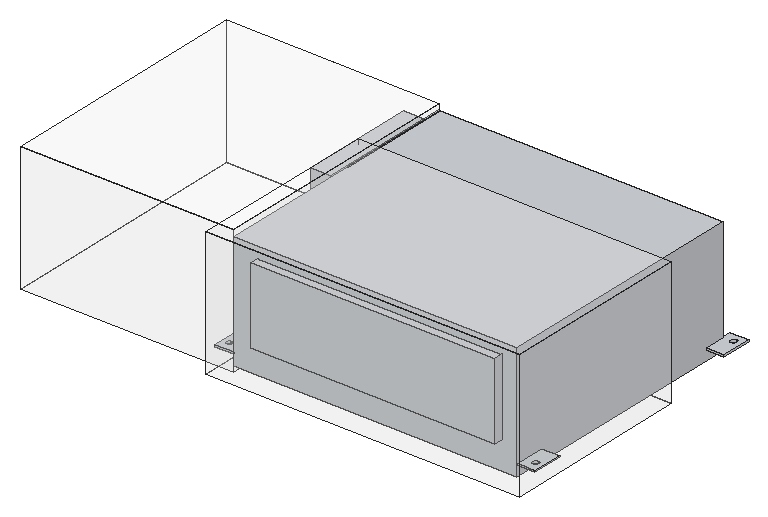
Revit family "pefy-p90_280mg9-f_50Hz", category 機械設備, Revit 2019
Family settings
  丸型コネクタ寸法 = 直径を使用
  パーツ タイプ = 標準
  OmniClass 番号 = 23.75.10.24.21.27.27
  OmniClass タイトル = Split System Air Conditioning Units
  作業面ベース = いいえ
  常に垂直 = はい
  ロード時にボイドで切り取り = いいえ
  共有 = いいえ
  部屋計算ポイント = はい
Parameters (values of type "PEFY-P90MG9-F")
  風量（m3／min） = 9
  風量 = MAX風量  # 540.0 m³/h
  音響パワーレベル(dB) = 58
  電源種別 = ""
  電源_H = 0 mm
  電圧_電気ヒーター = 0 V
  電圧 = 200 V
  電動機出力_送風機 = 0.07 kW
  運転質量 = 0.00 kg
  連動 = ""
  質量 = if(製品質量 > 運転質量, 製品質量, 運転質量) * 1.2  # 62.40 kg
  負荷分類 = 3_ファン類
  説明 = "ビル用マルチエアコン オールフレッシュ　室内機"
  設計暖房能力 = 0.00 kW
  設計冷房能力_顕熱 = 0 kW
  設計冷房能力 = 0 kW
  設置方法 = "天井吊(隠ぺい)形"
  記号 = ""
  製造元 = "三菱電機株式会社"
  製品質量 = 52.00 kg
  製品出荷対象 = "国内"
  製品リリース年月 = "2022年9月15日"
  製品グループ = ""
  系統 = ""
  符号 = "ACP_CID"
  積算_科目 = "1 空気調和設備"
  積算_拾い区分 [instance] = ""
  相_電気ヒーター = 1
  相 = 1
  盤記号 = ""
  発停方法 = ""
  特殊仕様 = ""
  点検口離隔 [instance] = if(点検口離隔入力値 > 200 mm, 200 mm, if(点検口離隔入力値 < 150 mm, 150 mm, 点検口離隔入力値))  # 150 mm
  点検口離隔入力値 [instance] = 150 mm
  点検口設置範囲 = 700 mm
  点検口位置 = 200 mm
  点検口 = yes
  火災停止 = ""
  消費電力_電気ヒーター = 0.00 kW
  消費電力_暖房 = 0.13 kW
  消費電力_加湿器 = 0.00 kW
  消費電力_冷房 = 0.13 kW
  消費電力 = if(消費電力_冷房 > 消費電力_暖房, 消費電力_冷房, 消費電力_暖房) + 消費電力_加湿器 + 消費電力_電気ヒーター  # 0.13 kW
  法定耐用年数 = "15"
  機外静圧 = 130.0 Pa
  極数 = 3
  材質 = ""
  本体マテリアル = none
  有効加湿量 = 0
  暖房能力 = 8.50 kW
  推奨ブレーカー容量 = 0 A
  形式_加湿器 = ""
  形式 = "天井吊（隠ぺい）形（両ダクト形）"
  幹線記号 = ""
  始動方式 = ""
  呼称 = "室内機_天井吊(隠ぺい)形(両ダクト形)"
  周波数 = 50 Hz
  吊り幅 = if(Depth = 900 mm, 60 mm, 61 mm)  # 60 mm
  吊り位置Y = 814 mm
  吊り位置X = 1004 mm
  吊りボルト_H = 41 mm  # constant formula
  台数_手元リモコン = ""
  台数_冷媒分岐ユニット = ""
  参照している仕様書等のバージョン = "公共建築工事標準仕様書（機械設備工事編）平成31年度版"
  加湿給水管径 = 0 mm
  分類コード = "50053003221070"
  分類グループ = ""
  冷房能力 = 9 kW
  冷媒高低圧ガス管径 = 0 mm
  冷媒管径符号 = "Bd"
  冷媒管径 = 100 mm
  冷媒液管径 = 9.52 mm
  冷媒液管_縦 = 77 mm
  冷媒液管_横 = 92 mm
  冷媒ガス管径 = 15.88 mm
  冷媒ガス管_縦 = 130 mm
  冷媒ガス管_横 = 200 mm
  企業コード = "108420"
  付属品_フィルター = ""
  付属品 = ""
  仕様書バージョン = "Version1.0"
  モデル = "PEFY-P90MG9-F"
  ドレン管径 = 32 mm
  ドレン管_縦 = 328 mm
  ドレン管_横 = 387 mm
  サービススペース = yes
  コメント [instance] = ""
  ケーブル種類 = ""
  ケーブルサイズ = 1.6 mm
  Width = 1000 mm
  Version = ""
  Uniclass2015Version = "Systems v1.9"
  Uniclass2015Title = "Split coil remote air cooled condensing units"
  Uniclass2015Code = "Pr_70_65_03_84"
  URL = "https://www.mitsubishielectric.co.jp/ldg/wink/ssl/displayProduct.do?pid=317055"
  SpecificationReference = ""
  SpecificationDescription = ""
  S_H = Height + 20 mm  # 400 mm
  SAサイズ_W = 800 mm
  SAサイズ_D = 250 mm
  Revision = ""
  RAサイズ_W = 850 mm
  RAサイズ_D = 340 mm
  ProductInformation = ""
  OmniClassCode = "23-33 17 13 11"
  MAX風量 = 風量（m3／min） * 60.0 m³/h  # 540.0 m³/h
  IfcTypeProduct = ""
  IfcProduct = ""
  IfcExportType = "AIRCONDITIONINGUNIT"
  IfcExportAs = "IfcUnitaryEquipmentType"
  Height = 380 mm
  Depth = 900 mm
  Clearance Top = 20 mm  # constant formula
  Clearance Right = 50 mm  # constant formula
  Clearance Left = if(Width = 1000 mm, 980 mm, if(Width = 1200 mm, 1180 mm, 1300 mm))  # 980 mm
  Clearance Front = if(Depth = 900 mm, 575 mm, 680 mm)  # 575 mm
  Clearance Bottom = 20 mm  # constant formula
  Clearance Back = 50 mm  # constant formula
  Author = "三菱電機株式会社"
Types (6, lengths in mm): name | 風量（m3／min） | 風量 | 音響パワーレベル(dB) | 電動機出力_送風機 | 質量 | 製品質量 | 相 | 点検口設置範囲 | 消費電力_暖房 | 消費電力_冷房 | 消費電力 | 機外静圧 | 暖房能力 | 吊り幅 | 吊り位置Y | 吊り位置X | 冷房能力 | 冷媒管径符号 | 冷媒液管_縦 | 冷媒液管_横 | 冷媒ガス管径 | 冷媒ガス管_縦 | 冷媒ガス管_横 | モデル | ドレン管_縦 | ドレン管_横 | Width | URL | S_H | SAサイズ_W | SAサイズ_D | RAサイズ_W | RAサイズ_D | MAX風量 | Height | Depth | Clearance Left | Clearance Front
  PEFY-P90MG9-F | 9 | 540.0 m³/h | 58 | 0.07 kW | 62.40 kg | 52.00 kg | 1 | 700 | 0.13 kW | 0.13 kW | 0.13 kW | 130.0 Pa | 8.50 kW | 60 | 814 | 1004 | 9 kW | "Bd" | 77 | 92 | 15.88 | 130 | 200 | "PEFY-P90MG9-F" | 328 | 387 | 1000 | "https://www.mitsubishielectric.co.jp/ldg/wink/ssl/displayProduct.do?pid=317055" | 400 | 800 | 250 | 850 | 340 | 540.0 m³/h | 380 | 900 | 980 | 575
  PEFY-P112MG9-F | 14 | 840.0 m³/h | 60 | 0.08 kW | 81.60 kg | 68.00 kg | 1 | 700 | 0.20 kW | 0.20 kW | 0.20 kW | 130.0 Pa | 10.60 kW | 60 | 814 | 1204 | 11.2 kW | "Bd" | 77 | 92 | 15.88 | 130 | 200 | "PEFY-P112MG9-F" | 328 | 387 | 1200 | "https://www.mitsubishielectric.co.jp/ldg/wink/ssl/displayProduct.do?pid=317056" | 400 | 1000 | 250 | 1050 | 340 | 840.0 m³/h | 380 | 900 | 1180 | 575
  PEFY-P140MG9-F | 14 | 840.0 m³/h | 61 | 0.08 kW | 81.60 kg | 68.00 kg | 1 | 700 | 0.21 kW | 0.20 kW | 0.21 kW | 130.0 Pa | 13.20 kW | 60 | 814 | 1204 | 14 kW | "Bd" | 77 | 92 | 15.88 | 130 | 200 | "PEFY-P140MG9-F" | 328 | 387 | 1200 | "https://www.mitsubishielectric.co.jp/ldg/wink/ssl/displayProduct.do?pid=317057" | 400 | 1000 | 250 | 1050 | 340 | 840.0 m³/h | 380 | 900 | 1180 | 575
  PEFY-P160MG9-F | 18 | 1080.0 m³/h | 62 | 0.09 kW | 81.60 kg | 68.00 kg | 1 | 700 | 0.20 kW | 0.20 kW | 0.20 kW | 130.0 Pa | 15.10 kW | 60 | 814 | 1204 | 16 kW | "Bd" | 77 | 92 | 15.88 | 130 | 200 | "PEFY-P160MG9-F" | 328 | 387 | 1200 | "https://www.mitsubishielectric.co.jp/ldg/wink/ssl/displayProduct.do?pid=317058" | 400 | 1000 | 250 | 1050 | 340 | 1080.0 m³/h | 380 | 900 | 1180 | 575
  PEFY-P224MG9-F | 28 | 1680.0 m³/h | 67 | 0.20 kW | 110.40 kg | 92.00 kg | 3 | 800 | 0.32 kW | 0.32 kW | 0.32 kW | 200.0 Pa | 21.20 kW | 61 | 1034 | 1326 | 22.4 kW | "Be" | 44 | 95 | 19.05 | 164 | 249 | "PEFY-P224MG9-F" | 327 | 489 | 1250 | "https://www.mitsubishielectric.co.jp/ldg/wink/ssl/displayProduct.do?pid=317059" | 490 | 1100 | 340 | 1100 | 420 | 1680.0 m³/h | 470 | 1120 | 1300 | 680
  PEFY-P280MG9-F | 35 | 2100.0 m³/h | 71 | 0.23 kW | 116.40 kg | 97.00 kg | 3 | 800 | 0.34 kW | 0.34 kW | 0.34 kW | 200.0 Pa | 26.50 kW | 61 | 1034 | 1326 | 28 kW | "Bf" | 44 | 95 | 22.2 | 164 | 249 | "PEFY-P280MG9-F" | 327 | 489 | 1250 | "https://www.mitsubishielectric.co.jp/ldg/wink/ssl/displayProduct.do?pid=317060" | 490 | 1100 | 340 | 1100 | 420 | 2100.0 m³/h | 470 | 1120 | 1300 | 680
Reference planes
  plane 1 "中心(正面/背面)": y = -138.467
  plane 2: z = 0
  plane 3 "中心(左/右)": x = 140.396
  plane 4: z = 380
  plane 5: z = 400
  plane 6: x = 642.396
  plane 7: x = -361.604
  plane 8: y = -528.467
  plane 9: y = 285.533
  plane 10: y = -588.467
  plane 11: y = 311.533
  plane 12: x = 605.396
  plane 13: x = -394.604
  plane 14: z = -20
  plane 15: x = 665.396
  plane 16: y = -559.467
  plane 17: y = 287.533
  plane 18: y = -135.967
  plane 19: y = -362.467
  plane 20: y = 87.533
  plane 21: x = -324.604
  plane 22: x = -474.604
  plane 23: x = -1024.604
  plane 24: z = 400
  plane 25: x = -374.604
  plane 26: y = -609.467
  plane 27: x = 655.396
  plane 28: y = 15.533
  plane 29: y = -359.467
Dimensions and locks
  "S_H": plane 5 to level
  "吊り位置X": plane 6 to plane 7
  "吊り位置Y": plane 9 to plane 8
  equal spacing: plane 11, plane 1 "中心(正面/背面)", plane 10
  "Depth": plane 11 to plane 10
  "Width": plane 12 to plane 13
  "Clearance Bottom": level to plane 14
  locked: plane 8 to plane 10 at 60
  "吊り幅": plane 15 to plane 12
  locked: plane 15 to plane 6 at 23
  "Height": plane 4 to level
  locked: plane 11 to plane 17 at 24
  locked: plane 16 to plane 10 at 29
  locked: plane 20 to plane 19 at 450
  equal spacing: plane 17, plane 18, plane 16
  plane 21 to plane 7 = 37 mm
  "点検口離隔": plane 21 to plane 22
  "点検口設置範囲": plane 21 to plane 23
  "Clearance Top": plane 24 to plane 4
  "Clearance Back": plane 16 to plane 26
  "Clearance Right": plane 21 to plane 25
  "Clearance Front": plane 28 to plane 16
  "Clearance Left": plane 27 to plane 21
  "点検口位置": plane 17 to plane 20
  equal spacing: plane 6, plane 3 "中心(左/右)", plane 7
  equal spacing: plane 12, plane 3 "中心(左/右)", plane 21
  aligned and locked: level to plane 2
  aligned and locked: nested 3 to plane 6
  aligned and locked: nested 3 to plane 7
  aligned and locked: plane 8 to nested 3
  aligned and locked: nested 3 to plane 9
  aligned and locked: nested 4 to plane 3 "中心(左/右)"
  aligned and locked: plane 1 "中心(正面/背面)" to nested 4
  aligned and locked: plane 19 to nested 2
  aligned and locked: plane 20 to nested 2
  aligned and locked: nested 2 to plane 23
  aligned and locked: nested 2 to plane 22
  aligned and locked: plane 24 to nested 1
  aligned and locked: plane 24 to nested 5
  aligned and locked: plane 14 to nested 1
  aligned and locked: plane 14 to nested 5
  aligned and locked: nested 1 to plane 16
  aligned and locked: nested 1 to plane 17
  aligned and locked: nested 1 to plane 23
  aligned and locked: nested 1 to plane 21
  aligned and locked: nested 5 to plane 26
  aligned and locked: nested 5 to plane 28
  aligned and locked: nested 5 to plane 25
  aligned and locked: nested 5 to plane 27
Nested families
  nested 1: "サービススペース" at (-674.604, -135.967, 190) x (-1, 0, 0) z (0, 0, 1), visible <- "サービススペース", type "サービススペース"
    with Width 700 mm, Height 420 mm, Depth 847 mm
  nested 2: "点検口設置範囲" at (-749.604, -137.467, 0) x (-1, 0, 0) z (0, 0, 1), visible <- "点検口", type "点検口設置範囲"
    with Width 550 mm, Depth 450 mm
  nested 3: "固定点" at (642.396, 285.533, 0) x (-1, 0, 0) z (0, 0, 1), type "固定点"
    with W 1004 mm, D 814 mm
  nested 4: "PEFY-P○○○MG9" at (312.896, -138.467, 0) x (0, -1, 0) z (0, 0, 1), type "PEFY-P○○○MG9"
    with 制御ボクス yes, ユニット表示 yes, y 70 mm, e 80 mm, d 40 mm, R2 250 mm, R1 94 mm, L2 340 mm, L1 17 mm, E 800 mm, A 1050 mm, 高さ 380 mm, 奥行き 1000 mm, 冷媒液管径-Z 77 mm, 冷媒液管径-Y 62 mm, 冷媒液管径-X 92 mm, 冷媒ガス管径-Z 130 mm, 冷媒ガス管径-Y 78 mm, 冷媒ガス管径-X 200 mm, ドレン管径-Z 328 mm, ドレン管径-X 387 mm, 冷媒ガス配管サイズ 15.88 mm, D 850 mm, 幅さ 900 mm, B 1004 mm
  nested 5: "サービススペース" at (140.396, -296.967, 190) x (-1, 0, 0) z (0, 0, 1), visible <- "サービススペース", type "サービススペース"
    with Width 1030 mm, Height 420 mm, Depth 625 mm
Connectors
  hvac at (155.396, -588.467, 219), driven by "SAサイズ_D", driven by "SAサイズ_W", driven by "機外静圧", driven by "風量"
    settings: on nested 4, index 1, duct flow 540.0 m³/h, flow factor 0, pres drop 130.0 Pa, loss coef 0, conn angle 0.00°, conn width 800 mm, conn height 250 mm, conn diameter 609.6 mm, duct sys type 29, conn prof type 1, flow config 0, flow direction 2, loss method 4, conn ref index -1, conn util no, is conn primary yes, conn desc ""
  hvac at (140.396, 311.533, 187), driven by "RAサイズ_D", driven by "RAサイズ_W", driven by "機外静圧", driven by "風量"
    settings: on nested 4, index 2, duct flow 540.0 m³/h, flow factor 0, pres drop 130.0 Pa, loss coef 0, conn angle 0.00°, conn width 850 mm, conn height 340 mm, conn diameter 609.6 mm, duct sys type 29, conn prof type 1, flow config 0, flow direction 1, loss method 4, conn ref index -1, conn util no, is conn primary no, conn desc ""
  piping at (-386.604, -313.467, 168.5), diameter 100, driven by "冷媒管径", driven by "冷媒管径符号"
    settings: on nested 4, index 3, connector inside diameter 609.6 mm, connector length 0 mm, flow factor 0, pipe flow 0.0 L/s, pressure drop 0.0 Pa, fitting loss kfactor 0, connector angle 0.00°, fixture units 0, engagement length 0 mm, angle of deflection 0.00°, flow configuration 1, flow direction 1, fitting loss method 4, system type 7, joint type 0, gender type 0, connector reference index -1, connector utility 0, adjustable connector no, is connector primary yes, connector description "Bd"
  piping at (-334.604, -172.467, 328), diameter 32, driven by "ドレン管径"
    settings: on nested 4, index 4, connector inside diameter 609.6 mm, connector length 0 mm, flow factor 0, pipe flow 0.0 L/s, pressure drop 0.0 Pa, fitting loss kfactor 0, connector angle 0.00°, fixture units 0, engagement length 0 mm, angle of deflection 0.00°, flow configuration 1, flow direction 2, fitting loss method 4, system type 16, joint type 0, gender type 0, connector reference index -1, connector utility 0, adjustable connector no, is connector primary no, connector description ""
  electrical at (-394.604, 39.533, 131.25), driven by "極数", driven by "負荷分類", driven by "電圧", driven by "消費電力"
    settings: on nested 4, index 6, voltage 200 V, apparent load 130 VA, apparent load phase1 0 VA, apparent load phase2 0 VA, apparent load phase3 0 VA, power factor 1, load classification "3_ファン類", number of poles 3, system type 30, power factor state 1, is connector primary yes, connector utility no, sub classification motor no, connector description ""
Definition of nested family "サービススペース"
  Parameters (values of type "サービススペース")
    Width [instance] = 500 mm
    Height [instance] = 500 mm
    Depth [instance] = 500 mm
  Reference planes
    plane 1 "中心(正面/背面)": y = 0
    plane 2: z = 0
    plane 3 "中心(左/右)": x = 0
    plane 4: y = -250
    plane 5: x = 250
    plane 6: y = 250
    plane 7: x = -250
    plane 8: z = 250
    plane 9: z = -250
  Forms (mm)
    Extrusion 1, solid
      sketch origin (-638.939, 0, 72.39) x (1, 0, 0) y (0, 1, 0)
        loop
          line (388.939, 250) -> (388.939, -250) -> (888.939, -250) -> (888.939, 250) -> (388.939, 250)
      from -322.39 to 177.61
  Lines and regions (mm)
    symbolic lines
      curve 1: line (-250, 0, 250) -> (250, 0, 250)
      curve 2: line (-250, 0, -250) -> (-250, 0, 250)
      curve 3: line (250, 0, -250) -> (-250, 0, -250)
      curve 4: line (250, 0, 250) -> (250, 0, -250)
      curve 5: line (0, -250, 250) -> (0, 250, 250)
      curve 6: line (0, -250, -250) -> (0, -250, 250)
      curve 7: line (0, 250, -250) -> (0, -250, -250)
      curve 8: line (0, 250, 250) -> (0, 250, -250)
      curve 9: line (-250, 250, 0) -> (250, 250, 0)
      curve 10: line (-250, -250, 0) -> (-250, 250, 0)
      curve 11: line (250, -250, 0) -> (-250, -250, 0)
      curve 12: line (250, 250, 0) -> (250, -250, 0)
  Dimensions and locks
    equal spacing: plane 7, plane 3 "中心(左/右)", plane 5
    equal spacing: plane 4, plane 1 "中心(正面/背面)", plane 6
    "Depth": plane 4 to plane 6
    "Width": plane 7 to plane 5
    equal spacing: plane 8, plane 2, plane 9
    "Height": plane 8 to plane 9
    aligned and locked: plane 9 to curve 3
    aligned and locked: plane 7 to curve 2
    aligned and locked: curve 4 to plane 5
    aligned and locked: plane 5 to Extrusion 1
    aligned and locked: Extrusion 1 to plane 7
    aligned and locked: Extrusion 1 to plane 9
    aligned and locked: plane 8 to Extrusion 1
    aligned and locked: plane 9 to curve 7
  Automatic sketch dimensions
    plane 4 to Extrusion 1 sketch curve = 0 mm
    Extrusion 1 sketch curve to plane 7 = 0 mm
    Extrusion 1 sketch curve to plane 5 = 0 mm
    plane 6 to Extrusion 1 sketch curve = 0 mm
    curve 2 to plane 8 = 0 mm
    plane 4 to curve 11 = 0 mm
    curve 11 to plane 7 = 0 mm
    curve 11 to plane 5 = 0 mm
    plane 6 to curve 10 = 0 mm
    curve 7 to plane 4 = 0 mm
    curve 7 to plane 6 = 0 mm
    curve 6 to plane 8 = 0 mm
Definition of nested family "PEFY-P○○○MG9"
  Parameters (values of type "PEFY-P○○○MG7")
    配線取出口サイズ = 36 mm
    配線取出口-Z = 60 mm  # constant formula
    配線取出口-Y = 10 mm  # constant formula
    配線取出口-X = 50 mm  # constant formula
    制御ボクス [instance] = and(ユニット表示, 幅さ = 900 mm)  # no
    冷媒液配管サイズ = 9.52 mm
    y = if(幅さ = 900 mm, 70 mm, 0 mm)  # 0 mm
    e = if(幅さ = 900 mm, 80 mm, 100 mm)  # 100 mm
    d = if(幅さ = 900 mm, 40 mm, 102 mm)  # 102 mm
    R2 = 340 mm
    R1 = if(幅さ = 900 mm, 94 mm, 105 mm)  # 105 mm
    L2 = 420 mm
    L1 = if(幅さ = 900 mm, 17 mm, 20 mm)  # 20 mm
    E = 1100 mm
    C = 930 mm
    A = if(奥行き = 1000 mm, 1050 mm, if(奥行き = 1200 mm, 1250 mm, 1372 mm))  # 1372 mm
    高さ = 470 mm
    奥行き = 1250 mm
    吊りボルト_H = 167 mm
    冷媒配管 = 100 mm
    冷媒液管径-Z = 44 mm
    冷媒液管径-Y = if(幅さ = 900 mm, 62 mm, 100 mm)  # 100 mm
    冷媒液管径-X = 95 mm
    冷媒ガス管径-Z = 164 mm
    冷媒ガス管径-Y = if(幅さ = 900 mm, 78 mm, 100 mm)  # 100 mm
    冷媒ガス管径-X = 249 mm
    ユニット表示 [instance] = yes
    吊りボルトピッチ = 814 mm
    ドレン配管サイズ = 32 mm
    ドレン管径-Z = 327 mm
    ドレン管径-Y = 10 mm  # constant formula
    ドレン管径-X = 489 mm
    冷媒ガス配管サイズ = 19.05 mm
    D = 1100 mm
    幅さ = 1120 mm
    B = 1326 mm
  Reference planes
    plane 1 "中心(正面/背面)": y = -172.5
    plane 2: z = 0
    plane 3 "中心(左/右)": x = 0
    plane 4: z = 470
    plane 5: z = -20
    plane 6: x = -560
    plane 7: x = 560
    plane 8: y = -858.5
    plane 9: z = 490
    plane 10: y = 452.5
    plane 11: y = -797.5
    plane 12: x = -536
    plane 13: x = 531
    plane 14: z = 41
    plane 15: z = 36
    plane 16: y = 402.5
    plane 17: y = -697.5
    plane 18: y = 404.5
    plane 19: y = -695.5
    plane 20: y = 490.5
    plane 21: z = 440
    plane 22: z = 20
    plane 23: z = 105
    plane 24: z = 445
    plane 25: y = -797.5
    plane 26: x = -476
    plane 27: x = -416
    plane 28: z = 120
    plane 29: z = 170
    plane 30: y = -802.5
    plane 31: x = -564
    plane 32: x = 500
    plane 33: x = -314
    plane 34: x = -464
    plane 35: x = 431
    plane 36: y = 513.5
    plane 37: y = -835.5
    plane 38: y = -862.5
    plane 39: y = -807.5
    plane 40: y = -897.5
    plane 41: y = -897.5
    plane 42: x = 282
    plane 43: z = 164
    plane 44: x = 187
    plane 45: z = 208
    plane 46: x = 234.5
    plane 47: z = 186
    plane 48: x = 42
    plane 49: x = -50
    plane 50: z = 327
    plane 51: x = -366
    plane 52: z = 60
    plane 53: x = -93
  Forms (mm)
    Extrusion 1, solid, visible <- "ユニット表示", detail levels fine
      sketch origin (0, 0, 0) x (1, 0, 0) y (0, 1, 0)
        loop
          line (-536, 452.5) -> (-536, -797.5) -> (531, -797.5) -> (531, 452.5) -> (-536, 452.5)
      from 0 to 470
    Extrusion 2, solid, visible <- "ユニット表示", detail levels fine
      sketch origin (0, 0, 0) x (1, 0, 0) y (0, 1, 0)
        loop
          line (-560, 404.5) -> (-560, -695.5) -> (-536, -695.5) -> (-536, 404.5) -> (-560, 404.5)
      from 20 to 440
    Extrusion 3, solid, visible <- "ユニット表示", detail levels fine
      sketch origin (0, 0, 0) x (1, 0, 0) y (0, 1, 0)
        loop
          line (560, 402.5) -> (531, 402.5) -> (531, -697.5) -> (560, -697.5) -> (560, 402.5)
      from 105 to 445
    Extrusion 4, solid, visible <- "ユニット表示", detail levels fine
      sketch origin (1480.036, -797.5, 1200) x (1, 0, 0) y (0, 0, 1)
        loop
          line (-2016.036, -730) -> (-2016.036, -1080) -> (-1896.036, -1200) -> (-1530.036, -1200) -> (-1530.036, -730) -> (-2016.036, -730)
      from 0 to 5
    Extrusion 5, solid, visible <- "制御ボクス", detail levels fine
      sketch origin (1480.036, -802.5, 1200) x (1, 0, 0) y (0, 0, 1)
        loop
          line (-1956.036, -1030) -> (-1573.036, -1030) -> (-1573.036, -730) -> (-1956.036, -730) -> (-1956.036, -1030)
      from 0 to 65
    Extrusion 6, solid, visible <- "ユニット表示", detail levels fine
      sketch origin (-1437.329, -1524, 36) x (-1, 0, 0) y (0, -1, 0)
        loop
          line (-973.329, -2037.5) -> (-873.329, -2037.5) -> (-873.329, -1976.5) -> (-973.329, -1976.5) -> (-973.329, -2037.5)
        loop
          line (-1868.329, -2037.5) -> (-1868.329, -1976.5) -> (-1968.329, -1976.5) -> (-1968.329, -2037.5) -> (-1868.329, -2037.5)
        loop
          line (-1868.329, -665.5) -> (-1968.329, -665.5) -> (-1968.329, -726.5) -> (-1868.329, -726.5) -> (-1868.329, -665.5)
        loop
          line (-873.329, -726.5) -> (-873.329, -665.5) -> (-973.329, -665.5) -> (-973.329, -726.5) -> (-873.329, -726.5)
        loop
          circle (-1123.329, -2014.5) r 10
        loop
          circle (-1937.329, -2014.5) r 10
        loop
          circle (-1937.329, -688.5) r 10
        loop
          circle (-1123.329, -688.5) r 10
      from 0 to 5
    Extrusion 7, solid, visible <- "ユニット表示", detail levels fine
      sketch origin (1480.036, -797.5, 1200) x (1, 0, 0) y (0, 0, 1)
        loop
          circle (-1198.036, -1036) r 9.525
      from 0 to 100
    Extrusion 8, solid, visible <- "ユニット表示", detail levels fine
      sketch origin (1480.036, -797.5, 1200) x (1, 0, 0) y (0, 0, 1)
        loop
          circle (-1293.036, -992) r 4.76
      from 0 to 100
    Extrusion 9, solid, visible <- "ユニット表示", detail levels fine
      sketch origin (1480.036, -797.5, 1200) x (1, 0, 0) y (0, 0, 1)
        loop
          circle (-1245.536, -1014) r 50
      from 0 to 100
    Extrusion 10, solid, visible <- "ユニット表示", detail levels fine
      sketch origin (1480.036, -797.5, 1200) x (1, 0, 0) y (0, 0, 1)
        loop
          circle (-1438.036, -873) r 16
      from 0 to 10
    Extrusion 11, solid, visible <- "ユニット表示", detail levels fine
      sketch origin (1480.036, -797.5, 1200) x (1, 0, 0) y (0, 0, 1)
        loop
          circle (-1846.036, -1140) r 18
      from 0 to 10
    Extrusion 12, solid, visible <- "制御ボクス", detail levels fine
      sketch origin (1480.036, -797.5, 1200) x (1, 0, 0) y (0, 0, 1)
        loop
          line (-1896.036, -1014) -> (-1896.036, -1095) -> (-1530.036, -1095) -> (-1530.036, -1014) -> (-1896.036, -1014)
      from 0 to 70
  Dimensions and locks
    locked: level to plane 5 at 20
    equal spacing: plane 6, plane 3 "中心(左/右)", plane 7
    "幅さ": plane 6 to plane 7
    locked: plane 9 to plane 4 at 20
    "高さ": plane 4 to level
    locked: plane 6 to plane 12 at 24
    locked: plane 13 to plane 7 at 29
    locked: plane 14 to level at 41
    locked: plane 14 to plane 15 at 5
    "D": plane 19 to plane 18
    "E": plane 17 to plane 16
    "L1": plane 22 to level
    "R2": plane 24 to plane 23
    "R1": plane 23 to level
    "L2": plane 21 to plane 22
    "e": plane 11 to plane 17
    "d": plane 11 to plane 19
    "奥行き": plane 25 to plane 10
    plane 12 to plane 26 to plane 27 = 60 mm locked, 60 mm locked
    locked: plane 28 to level at 120
    locked: plane 29 to plane 28 at 50
    locked: plane 30 to plane 11 at 5
    locked: plane 31 to plane 6 at 4
    locked: plane 32 to plane 7 at 60
    "吊りボルトピッチ": plane 33 to plane 32
    locked: plane 31 to plane 34 at 100
    locked: plane 35 to plane 13 at 100
    "y": plane 25 to plane 11
    "B": plane 37 to plane 20
    plane 8 to plane 37 = 23 mm
    locked: plane 38 to plane 30 at 60
    "ドレン管径-Y": plane 39 to plane 11
    "冷媒液管径-Y": plane 40 to plane 11
    "冷媒ガス管径-Y": plane 41 to plane 11
    "冷媒ガス管径-Z": plane 43 to level
    "冷媒ガス管径-X": plane 42 to plane 13
    "冷媒液管径-X": plane 44 to plane 42
    "冷媒液管径-Z": plane 45 to plane 43
    equal spacing: plane 45, plane 47, plane 43
    equal spacing: plane 44, plane 46, plane 42
    "ドレン管径-X": plane 48 to plane 13
    locked: plane 49 to plane 3 "中心(左/右)" at 50
    "ドレン管径-Z": plane 50 to level
    locked: plane 27 to plane 51 at 50
    "配線取出口-Z": plane 52 to level
    "A": plane 8 to plane 36
    equal spacing: plane 11, plane 1 "中心(正面/背面)", plane 10
    equal spacing: plane 8, plane 1 "中心(正面/背面)", plane 36
    equal spacing: plane 37, plane 1 "中心(正面/背面)", plane 20
    plane 26 to plane 53 = 383 mm
    plane 53 to plane 26 = 383 mm
    diameter of Extrusion 6 sketch curve = 20 mm  (x4)
    "冷媒ガス配管サイズ": diameter of Extrusion 7 sketch curve
    "冷媒液配管サイズ": diameter of Extrusion 8 sketch curve
    "冷媒配管": diameter of Extrusion 9 sketch curve
    "ドレン配管サイズ": diameter of Extrusion 10 sketch curve
    "配線取出口サイズ": diameter of Extrusion 11 sketch curve
    aligned and locked: level to plane 2
    aligned and locked: plane 10 to Extrusion 1 sketch curve
    aligned and locked: plane 12 to Extrusion 1 sketch curve
    aligned and locked: Extrusion 1 sketch curve to plane 11
    aligned and locked: Extrusion 1 sketch curve to plane 13
    aligned and locked: Extrusion 1 to level
    aligned and locked: plane 4 to Extrusion 1
    aligned and locked: plane 18 to Extrusion 2 sketch curve
    aligned and locked: Extrusion 2 sketch curve to plane 19
    aligned and locked: Extrusion 2 sketch curve to plane 12
    aligned and locked: plane 6 to Extrusion 2 sketch curve
    aligned and locked: Extrusion 2 to plane 22
    aligned and locked: plane 21 to Extrusion 2
    aligned and locked: Extrusion 3 sketch curve to plane 16
    aligned and locked: plane 17 to Extrusion 3 sketch curve
    aligned and locked: Extrusion 3 sketch curve to plane 13
    aligned and locked: plane 7 to Extrusion 3 sketch curve
    aligned and locked: Extrusion 3 to plane 23
    aligned and locked: plane 24 to Extrusion 3
    aligned and locked: Extrusion 4 sketch curve to plane 4
    aligned and locked: Extrusion 4 sketch curve to plane 12
    aligned and locked: Extrusion 4 sketch curve to level
    aligned and locked: Extrusion 4 to plane 11
    aligned and locked: plane 30 to Extrusion 4
    aligned and locked: Extrusion 5 sketch curve to plane 29
    aligned and locked: Extrusion 5 sketch curve to plane 26
    aligned and locked: Extrusion 5 sketch curve to plane 4
    aligned and locked: Extrusion 5 to plane 30
    aligned and locked: Extrusion 6 sketch curve to plane 36
    aligned and locked: plane 34 to Extrusion 6 sketch curve
    aligned and locked: plane 10 to Extrusion 6 sketch curve
    aligned and locked: Extrusion 6 sketch curve to plane 31
    aligned and locked: plane 36 to Extrusion 6 sketch curve
    aligned and locked: plane 35 to Extrusion 6 sketch curve
    aligned and locked: Extrusion 6 sketch curve to Extrusion 1  (x4)
    aligned and locked: plane 8 to Extrusion 6 sketch curve
    aligned and locked: Extrusion 6 sketch curve to plane 35
    aligned and locked: plane 11 to Extrusion 6 sketch curve
    aligned and locked: plane 31 to Extrusion 6 sketch curve
    aligned and locked: Extrusion 6 sketch curve to plane 8
    aligned and locked: Extrusion 6 sketch curve to plane 34
    aligned and locked: plane 37 to Extrusion 6 sketch curve  (x2)
    aligned and locked: plane 33 to Extrusion 6 sketch curve  (x2)
    aligned and locked: plane 32 to Extrusion 6 sketch curve  (x2)
    aligned and locked: plane 20 to Extrusion 6 sketch curve  (x2)
    aligned and locked: Extrusion 6 to plane 15
    aligned and locked: plane 14 to Extrusion 6
    aligned and locked: plane 43 to Extrusion 7 sketch curve
    aligned and locked: plane 42 to Extrusion 7 sketch curve
    aligned and locked: Extrusion 7 to plane 11
    aligned and locked: plane 41 to Extrusion 7
    aligned and locked: plane 45 to Extrusion 8 sketch curve
    aligned and locked: plane 44 to Extrusion 8 sketch curve
    aligned and locked: Extrusion 8 to plane 11
    aligned and locked: plane 40 to Extrusion 8
    aligned and locked: Extrusion 9 to plane 11
    aligned and locked: plane 40 to Extrusion 9
    aligned and locked: Extrusion 4 sketch curve to plane 49
    aligned and locked: plane 50 to Extrusion 10 sketch curve
    aligned and locked: plane 48 to Extrusion 10 sketch curve
    aligned and locked: Extrusion 10 to plane 11
    aligned and locked: plane 39 to Extrusion 10
    aligned and locked: plane 52 to Extrusion 11 sketch curve
    aligned and locked: plane 51 to Extrusion 11 sketch curve
    aligned and locked: Extrusion 11 to plane 11
    aligned and locked: plane 39 to Extrusion 11
    aligned and locked: plane 47 to Extrusion 9 sketch curve
    aligned and locked: plane 46 to Extrusion 9 sketch curve
    aligned and locked: Extrusion 5 sketch curve to plane 53
    aligned and locked: plane 27 to Extrusion 12 sketch curve
    aligned and locked: Extrusion 12 sketch curve to plane 49
    aligned and locked: plane 23 to Extrusion 12 sketch curve
    aligned and locked: Extrusion 12 sketch curve to plane 47
  Automatic sketch dimensions
    Extrusion 4 sketch curve to plane 27 = 0 mm
    Extrusion 4 sketch curve to plane 28 = 0 mm
Definition of nested family "点検口設置範囲"
  Parameters (values of type "点検口設置範囲")
    Width [instance] = 1000 mm
    Depth [instance] = 700 mm
  Reference planes
    plane 1 "中心(正面/背面)": y = 0
    plane 2: z = 0
    plane 3 "中心(左/右)": x = 0
    plane 4: x = -500
    plane 5: x = 500
    plane 6: y = -350
    plane 7: y = 350
  Lines and regions (mm)
    model lines
      curve 1: line (-500, 350, 0) -> (500, 350, 0)
      curve 2: line (-500, -350, 0) -> (-500, 350, 0)
      curve 3: line (500, -350, 0) -> (-500, -350, 0)
      curve 4: line (500, 350, 0) -> (500, -350, 0)
  Dimensions and locks
    "Depth": plane 7 to plane 6
    "Width": plane 4 to plane 5
    equal spacing: plane 7, plane 1 "中心(正面/背面)", plane 6
    equal spacing: plane 4, plane 3 "中心(左/右)", plane 5
    aligned and locked: level to plane 2
    aligned and locked: plane 4 to curve 2
    aligned and locked: curve 1 to plane 7
    aligned and locked: curve 4 to plane 5
    aligned and locked: plane 6 to curve 3
Definition of nested family "固定点"
  Parameters (values of type "固定点")
    中心円 = 20 mm
    W [instance] = 1000 mm
    D [instance] = 1000 mm
  Reference planes
    plane 1 "中心(正面/背面)": y = 0
    plane 2: z = 0
    plane 3 "中心(左/右)": x = 0
    plane 4: x = 1000
    plane 5: y = 1000
  Lines and regions (mm)
    symbolic lines, detail levels fine
      curve 1: circle (0, 1000, 0) r 10 normal (0, 0, 1)
      curve 2: circle (0, 0, 0) r 10 normal (0, 0, 1)
      curve 3: circle (1000, 1000, 0) r 10 normal (0, 0, 1)
      curve 4: circle (1000, 0, 0) r 10 normal (0, 0, 1)
      curve 5: line (-200, 1000, 0) -> (1200, 1000, 0)
      curve 6: line (-200, 0, 0) -> (1200, 0, 0)
      curve 7: line (0, 1200, 0) -> (0, -200, 0)
      curve 8: line (1000, 1200, 0) -> (1000, -200, 0)
  Dimensions and locks
    "W": plane 3 "中心(左/右)" to plane 4
    "D": plane 1 "中心(正面/背面)" to plane 5
    "中心円": diameter of curve 1
    "中心円": diameter of curve 2
    "中心円": diameter of curve 3
    "中心円": diameter of curve 4
    aligned and locked: level to plane 2
    aligned and locked: plane 5 to curve 1
    aligned and locked: plane 3 "中心(左/右)" to curve 1
    aligned and locked: plane 3 "中心(左/右)" to curve 2
    aligned and locked: plane 1 "中心(正面/背面)" to curve 2
    aligned and locked: plane 4 to curve 3
    aligned and locked: plane 5 to curve 3
    aligned and locked: plane 1 "中心(正面/背面)" to curve 4
    aligned and locked: plane 4 to curve 4
    aligned and locked: plane 1 "中心(正面/背面)" to curve 6
    aligned and locked: curve 7 to plane 3 "中心(左/右)"
    aligned and locked: curve 8 to plane 4
  Automatic sketch dimensions
    curve 5 to plane 5 = 0 mm
    curve 6 to plane 3 "中心(左/右)" = 200 mm
    curve 5 to plane 3 "中心(左/右)" = 200 mm
    curve 4 to curve 6 = 200 mm
    curve 3 to curve 5 = 200 mm
    plane 1 "中心(正面/背面)" to curve 8 = 200 mm
    plane 1 "中心(正面/背面)" to curve 7 = 200 mm
    curve 3 to curve 8 = 200 mm
    curve 1 to curve 7 = 200 mm
